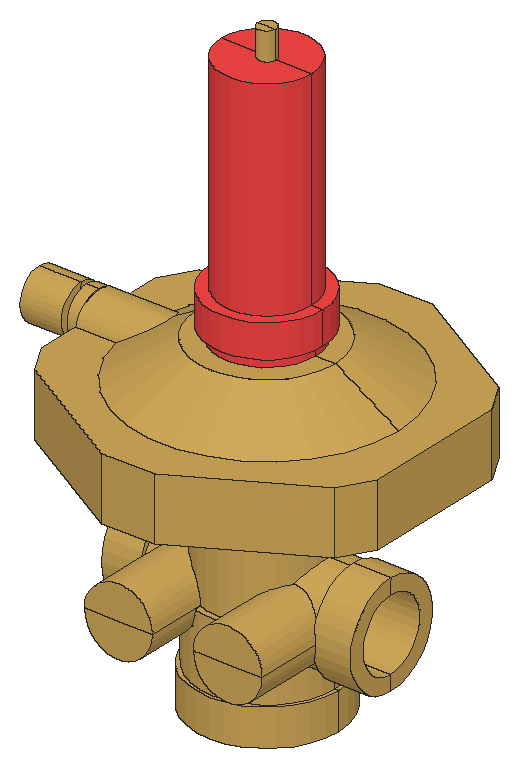
Revit family "Differenzdruckregler 4202 25-60kPa", category Rohrzubehör, Revit 2021
Family settings
  Bemaßung runder Anschluss = Durchmesser verwenden
  Teiletyp = Unterbricht
  OmniClass-Nummer = 23.65.55.14
  OmniClass-Titel = Valves for Liquid Services
  Arbeitsebenenbasiert = Nein
  Immer vertikal = Ja
  Beim Laden mit Abzugskörper schneiden = Nein
  Gemeinsam genutzt = Nein
Parameters (values of type "Ohne Dämmung")
  y2 [instance] = K14 + K9 + H01  # 49.149 mm
  y1 [instance] = (R03 * 2) + R05  # 66.000 mm
  Vorgabe-Ansicht = 0.000 mm
  PN = 25  # constant formula
  Min. Betriebstemperatur (Frostschutz) = -20 °C  # constant formula
  Max. zulässige Betriebstemperatur bis DN32 = 130 °C  # constant formula
  Max. zulässige Betriebstemperatur DN40 - DN50 = 110 °C  # constant formula
  Max. Differenzdruck am Gehäuse = 400000.0 Pa  # constant formula
  Max. Betriebsdruck = 2500000.0 Pa  # constant formula
  Ventilschaft = "Edelstahl 14301"  # constant formula
  URL = "www.herz-armaturen.at"
  SCRNSEQ = "ARM;ARM_TYP=\"DIFR\";2"
  SCRNCODE = "05;03;4"  # constant formula
  S06 [instance] = 1.000 mm  # constant formula
  S05 [instance] = S01 - 1.000 mm  # 16.250 mm
  S04 [instance] = S02 - 1.000 mm  # 18.000 mm
  S03 [instance] = size_lookup("4202 25-60kPa", "S03", 26.500 mm, Nennweite)  # 25.600 mm
  S02 [instance] = size_lookup("4202 25-60kPa", "S02", 19.000 mm, Nennweite)  # 19.000 mm
  S01 [instance] = size_lookup("4202 25-60kPa", "S01", 17.250 mm, Nennweite)  # 17.250 mm
  Regleranschlussmutter = "Messing CW614N"  # constant formula
  Regelbereich = "25 - 60kPa"  # constant formula
  R06 [instance] = size_lookup("4202 25-60kPa", "R06", 14.500 mm, Nennweite)  # 14.500 mm
  R05 [instance] = size_lookup("4202 25-60kPa", "R05", 46.000 mm, Nennweite)  # 46.000 mm
  R04 [instance] = size_lookup("4202 25-60kPa", "R04", 12.500 mm, Nennweite)  # 12.500 mm
  R03 [instance] = size_lookup("4202 25-60kPa", "R03", 10.000 mm, Nennweite)  # 10.000 mm
  R02 = 14.500 mm  # constant formula
  R01 [instance] = size_lookup("4202 25-60kPa", "R01", 12.500 mm, Nennweite)  # 12.500 mm
  Min. Betriebstemperatur (reines Wasser) = 2 °C  # constant formula
  O-Ringe = "EPDM"  # constant formula
  Nennweite [instance] = 15.000 mm
  Membrangehäuse = "Messing CW602N"  # constant formula
  Membrane = "EPDM"  # constant formula
  Medium = "Wasserbeschaffenheit nach ÖNORM H 5195 und VDI 2035\r\nDie Verwendung von Ethylen- und Propylenglykol ist im\r\nMischungsverhältnis 25 - 50 Vol.-% zulässig."
  L2 [instance] = size_lookup("4202 25-60kPa", "L2", 161.000 mm, Nennweite)  # 161.000 mm
  L [instance] = size_lookup("4202 25-60kPa", "L", 66.000 mm, Nennweite)  # 66.000 mm
  K9 = 4.000 mm  # constant formula
  K8 = 55.000 mm  # constant formula
  K7 = 8.700 mm  # constant formula
  K6 = 11.700 mm  # constant formula
  K5 = 13.000 mm  # constant formula
  K4 = 12.000 mm  # constant formula
  K3 = 15.000 mm  # constant formula
  K2 = 2.350 mm  # constant formula
  K18 = 89.000 mm  # constant formula
  K17 = 66.700 mm  # constant formula
  K16 = 3.000 mm  # constant formula
  K15 = 26.649 mm  # constant formula
  K14 = 16.649 mm  # constant formula
  K13 = 16.649 mm  # constant formula
  K12 = 10.000 mm  # constant formula
  K11 = 35.000 mm  # constant formula
  K10 = 18.250 mm  # constant formula
  K1.1 = 2.350 mm  # constant formula
  K1 = 7.651 mm  # constant formula
  J9 = 15.700 mm  # constant formula
  J8 = 7.850 mm  # constant formula
  J7 = 15.897 mm  # constant formula
  J6 = 3.900 mm  # constant formula
  J5 = 6.500 mm  # constant formula
  J4 = 1.500 mm  # constant formula
  J3 = 3.200 mm  # constant formula
  J2 = 11.000 mm  # constant formula
  J11 = 3.500 mm  # constant formula
  J10 = 18.897 mm  # constant formula
  J1 = 6.500 mm  # constant formula
  Hersteller = "HERZ-Armaturen Ges.m.b.H"  # constant formula
  H2 [instance] = size_lookup("4202 25-60kPa", "H2", 28.000 mm, Nennweite)  # 28.000 mm
  H1 [instance] = K1 + K2 + K3 + K4 + K5 + K7 + K8 + K16 + 16.650 mm  # 133.351 mm
  H04 = 4.000 mm  # constant formula
  H03 = 9.800 mm  # constant formula
  H02 [instance] = size_lookup("4202 25-60kPa", "H02", 53.000 mm, Nennweite)  # 53.000 mm
  H01 [instance] = size_lookup("4202 25-60kPa", "H01", 25.000 mm, Nennweite)  # 28.500 mm
  Gehäuse = "DZR Messing CC770S"  # constant formula
  G03 [instance] = size_lookup("4202 25-60kPa", "G03", 13.200 mm, Nennweite)  # 13.200 mm
  G02 [instance] = size_lookup("4202 25-60kPa", "G02", 9.500 mm, Nennweite)  # 9.500 mm
  G01 [instance] = size_lookup("4202 25-60kPa", "G01", 13.500 mm, Nennweite)  # 13.500 mm
  Einstellspindel = "Messing CW614N"  # constant formula
  Hinweise zum Material = "Gemäß Art 33 der REACH-Verordnung (EG Nr. 1907/2006) sind wir verpflichtet, darauf hinzuweisen,\r\ndass der Stoff Blei auf der SVHC-Liste geführt wird und dass alle aus Messing bestehenden Bauteile,\r\ndie in unseren Erzeugnissen verarbeitet sind, mehr als 0,1 % (w/w) Blei (CAS: 7439-92-1 / EINECS:\r\n231-100-4) enthalten. Da Blei als Legierungsbestandteil fest gebunden ist, sind keine Expositionen zu\r\nerwarten und daher sind keine zusätzlichen Angaben zur sicheren Verwendung notwendig.\r\n\r\nIm Hanf enthaltenes Ammoniak schädigt\r\nMessingventilgehäuse, EPDM Dichtungen werden durch\r\nMineralöle bzw. mineralölhaltige Schmierstoffe aufgequollen\r\nund führen somit zum Ausfall der EPDM-Dichtungen. Für\r\nFrost- und Korrosionsschutzmittel auf der Basis von Ethylen- und Propylenglykol sind die entsprechenden\r\nAngaben den Unterlagen des Herstellers zu entnehmen."
  Dämmung = no
  Dämmschale = "EPP (expandiertes Polypropylen)"  # constant formula
  Druckfeder = "Federstahl 14310 NS"  # constant formula
  DN50 [instance] = Nennweite = 50.000 mm  # no
  DN40 [instance] = Nennweite = 40.000 mm  # no
  DN32-40 [instance] = or(Nennweite = 32.000 mm, Nennweite = 40.000 mm)  # no
  DN32 [instance] = Nennweite = 32.000 mm  # no
  DN25,32,40 [instance] = or(Nennweite = 25.000 mm, Nennweite = 32.000 mm, Nennweite = 40.000 mm)  # no
  DN25 [instance] = Nennweite = 25.000 mm  # no
  DN20 [instance] = Nennweite = 20.000 mm  # no
  DN15-25 [instance] = or(Nennweite = 15.000 mm, Nennweite = 20.000 mm, Nennweite = 25.000 mm)  # yes
  DN15,20,50 [instance] = or(Nennweite = 15.000 mm, Nennweite = 20.000 mm, Nennweite = 50.000 mm)  # yes
  DN15 [instance] = Nennweite = 15.000 mm  # yes
  D07 [instance] = if(Nennweite = 15.000 mm, 32.500 mm, if(Nennweite = 20.000 mm, 33.500 mm, if(Nennweite = 25.000 mm, 33.500 mm, if(Nennweite = 32.000 mm, 49.500 mm, if(Nennweite = 40.000 mm, 59.500 mm, if(Nennweite = 50.000 mm, 59.500 mm, 0.000 mm))))))  # 32.500 mm
  D06 [instance] = if(Nennweite = 15.000 mm, 32.500 mm, if(Nennweite = 20.000 mm, 33.500 mm, if(Nennweite = 25.000 mm, 33.500 mm, if(Nennweite = 32.000 mm, 49.500 mm, if(Nennweite = 40.000 mm, 59.500 mm, if(Nennweite = 50.000 mm, 59.500 mm, 0.000 mm))))))  # 32.500 mm
  D05 [instance] = if(Nennweite = 15.000 mm, 36.750 mm, if(Nennweite = 20.000 mm, 40.700 mm, if(Nennweite = 25.000 mm, 49.200 mm, if(Nennweite = 32.000 mm, 54.150 mm, if(Nennweite = 40.000 mm, 60.750 mm, if(Nennweite = 50.000 mm, 72.700 mm, 0.000 mm))))))  # 36.750 mm
  D04 [instance] = if(Nennweite = 15.000 mm, 78.500 mm, if(Nennweite = 20.000 mm, 82.000 mm, if(Nennweite = 25.000 mm, 84.000 mm, if(Nennweite = 32.000 mm, 120.000 mm, if(Nennweite = 40.000 mm, 130.000 mm, if(Nennweite = 50.000 mm, 130.500 mm, 0.000 mm))))))  # 78.500 mm
  D03 [instance] = if(Nennweite = 15.000 mm, 96.000 mm, if(Nennweite = 20.000 mm, 110.000 mm, if(Nennweite = 25.000 mm, 112.000 mm, if(Nennweite = 32.000 mm, 152.000 mm, if(Nennweite = 40.000 mm, 170.000 mm, if(Nennweite = 50.000 mm, 179.000 mm, 0.000 mm))))))  # 96.000 mm
  D02 [instance] = size_lookup("4202 25-60kPa", "R05", 41.000 mm, Nennweite)  # 46.000 mm
  D01 [instance] = size_lookup("4202 25-60kPa", "G01", 13.220 mm, Nennweite)  # 13.500 mm
  Bestellnummer Dämmung [instance] = if(and(Dämmung, Nennweite = 15.000 mm), 1409611, if(and(Dämmung, Nennweite = 20.000 mm), 1409612, if(and(Dämmung, Nennweite = 25.000 mm), 1409613, if(and(Dämmung, Nennweite = 32.000 mm), 1409614, if(and(Dämmung, Nennweite = 40.000 mm), 1409615, if(and(Dämmung, Nennweite = 50.000 mm), 1409616, 0))))))  # 0
  Bestellnummer [instance] = if(Nennweite = 15.000 mm, 1420261, if(Nennweite = 20.000 mm, 1420262, if(Nennweite = 25.000 mm, 1420263, if(Nennweite = 32.000 mm, 1420264, if(Nennweite = 40.000 mm, 1420265, if(Nennweite = 50.000 mm, 1420266, 0))))))  # 1420261
  B2 [instance] = size_lookup("4202 25-60kPa", "B2", 31.000 mm, Nennweite)  # 31.000 mm
  B1 [instance] = size_lookup("4202 25-60kPa", "B1", 26.000 mm, Nennweite)  # 26.000 mm
  B04 = 100.649 mm  # constant formula
  B03 = 44.500 mm  # constant formula
  B02 = 104.688 mm  # constant formula
  B01 = 10.000 mm  # constant formula
  Anzeigehülse = "Kunststoff (Rot)"  # constant formula
  Anwendungsgebiet = "Der Differenzdruckregler ist ein Regler mit linearer Kennlinie in Geradsitzausführung und arbeitet ohne\r\nHilfsenergie. Der gewünschte Differenzdruck-Sollwert kann zwischen 5 und 30 kPa; 25 und 60 kPa bzw.\r\n45 und 80 kPa stufenlos eingestellt werden. Der eingestellte Wert ist mit Hilfe des Einstelldiagrammes\r\nablesbar. Werksseitig ist der Sollwert auf Minimum eingestellt. Der erforderliche Sollwert wird mit dem\r\nEinstellwerkzeug (1 4006 02) eingestellt. Im Lieferumfang enthalten ist die Impulsleitung (1000 mm),\r\ndiese ist im Vorlauf einzubinden."
  Anschlussnippel = "Messing CW602N"  # constant formula
Types (2, lengths in mm): name | Dämmung | Bestellnummer Dämmung
  Ohne Dämmung | no | 0
  Mit Dämmung | yes | 1409611
Reference planes
  plane 1 "Mitte (Vorne/hinten)": y = 0
  plane 2: z = 0
  plane 3 "Mitte (Links/rechts)": x = 0
Forms (mm)
  Revolve 1, solid, material "Messing, weicher Gelbton, geschweißt", detail levels fine
    sketch origin (0, 0, 0) x (1, 0, 0) y (0, 0, 1)
      loop
        line (-19.8, 0) -> (19.8, 0) -> (19.8, 9.5) -> (33, 9.5) -> (33, 13.5) -> (23, 13.5) -> (23, 12.5) -> (-23, 12.5) -> (-23, 13.5) -> (-33, 13.5) -> (-33, 9.5) -> (-19.8, 9.5) -> (-19.8, 0)
      axis (-33, 0) -> (33, 0)
    angle from 0 to 360
  Revolve 2, solid, material "Messing, weicher Gelbton, geschweißt", detail levels fine
    sketch origin (0, 0, 0) x (1, 0, 0) y (0, 0, 1)
      loop
        line (0, -28) -> (0, 0) -> (-18, 0) -> (-18, -18.2) -> (-19, -18.2) -> (-19, -28) -> (0, -28)
      axis (0, 0) -> (0, -28)
    angle from 0 to 360
  Extrusion 3, solid, material "Messing, weicher Gelbton, geschweißt", detail levels fine
    sketch origin (0, 0, 0) x (0, -1, 0) y (1, 0, 0)
      loop
        line (-46, -7.038) -> (-27.114, -39.75) -> (-18.886, -44.5) -> (18.886, -44.5) -> (27.114, -39.75) -> (46, -7.038) -> (46, 7.038) -> (27.114, 39.75) -> (18.886, 44.5) -> (-18.886, 44.5) -> (-27.114, 39.75) -> (-46, 7.038) -> (-46, -7.038)
    from 32.5 to 49.149
  Revolve 4, solid, material "Messing, weicher Gelbton, geschweißt", detail levels fine
    sketch origin (0, 0, -7.051) x (1, 0, 0) y (0, 0, 1)
      loop
        line (0, 56.2) -> (0, 66.2) -> (-18.25, 66.2) -> (-35, 56.2) -> (0, 56.2)
      axis (0, 66.2) -> (0, 56.2)
    angle from 0 to 360
  Revolve 5, solid, material "Messing, weicher Gelbton, geschweißt", visible <- "DN15-25", detail levels fine
    sketch origin (-11, 0, 0) x (1, 0, 0) y (0, 1, 0)
      loop
        line (-1.5, 26) -> (-9.2, 26) -> (-9.2, 0) -> (-1.5, 0) -> (-1.5, 26)
      axis (-1.5, 0) -> (-1.5, 26)
    angle from 0 to 360
  Revolve 6, solid, material "Messing, weicher Gelbton, geschweißt", visible <- "DN15,20,50", detail levels fine
    sketch origin (-0.988, 0, -6.853) x (-1, 0, 0) y (0, 0, 1)
      loop
        line (43.5, 55.25) -> (59.2, 55.25) -> (59.2, 61.75) -> (48.2, 61.75) -> (48.2, 59.15) -> (46.7, 59.15) -> (46.7, 61.75) -> (43.5, 61.75) -> (43.5, 55.25)
      axis (43.5, 55.25) -> (59.2, 55.25)
    angle from 0 to 360
  Extrusion 7, solid, material "Messing, weicher Gelbton, geschweißt", visible <- "DN15,20,50", detail levels fine
    sketch origin (0, 0, 0) x (0, 1, 0) y (0, 0, -1)
      loop
        line (7.85, -47.047) -> (7.85, -36) -> (-7.85, -36) -> (-7.85, -47.047)
        arc (-7.85, -47.047) -> (0, -54.897) -> (7.85, -47.047) r 7.85
    from 0 to 44.5
  Revolve 8, solid, material "Kunsstoff rot", detail levels fine
    sketch origin (0, 0, 0) x (1, 0, 0) y (0, 0, 1)
      loop
        line (-12, 125.849) -> (-12, 70.849) -> (-15, 70.849) -> (-15, 62.149) -> (-13, 62.149) -> (-13, 59.149) -> (0, 59.149) -> (0, 125.849) -> (-12, 125.849)
      axis (0, 125.849) -> (0, 59.149)
    angle from 0 to 360
  Revolve 9, solid, material "Messing, weicher Gelbton, geschweißt", visible <- "DN15-25", detail levels fine
    sketch origin (-2, 0, 0) x (1, 0, 0) y (0, 1, 0)
      loop
        line (-12.5, 0) -> (-21.5, 0) -> (-21.5, -31) -> (-12.5, -31) -> (-12.5, 0)
      axis (-12.5, 0) -> (-12.5, -31)
    angle from 0 to 360
  Revolve 10, solid, material "Messing, weicher Gelbton, geschweißt", visible <- "DN15-25", detail levels fine
    sketch origin (2, 0, 0) x (1, 0, 0) y (0, 1, 0)
      loop
        line (12.5, 0) -> (12.5, -31) -> (21.6, -31) -> (21.6, 0) -> (12.5, 0)
      axis (12.5, 0) -> (12.5, -31)
    angle from 0 to 360
  Extrusion 11, solid, material "Messing, weicher Gelbton, geschweißt", visible <- "DN32", detail levels fine
    sketch origin (-31.5, 0, 0) x (1, 0, 0) y (0, 1, 0)
      loop
        circle (63, 0) r 6.578
      loop
        circle (63, 0) r 3.28
    from -47 to 0
  Extrusion 12, solid, material "Messing, weicher Gelbton, geschweißt", visible <- "DN32", detail levels fine
    sketch origin (31.5, 0, 0) x (-1, 0, 0) y (0, -1, 0)
      loop
        circle (63, 0) r 6.578
      loop
        circle (63, 0) r 3.28
    from -47 to 0
  Revolve 13, solid, material "Messing, weicher Gelbton, geschweißt", detail levels fine
    sketch origin (0, 0, 0) x (1, 0, 0) y (0, 0, 1)
      loop
        line (-16.25, 0) -> (0, 0) -> (0, 32.5) -> (-12.25, 32.5) -> (-12.25, 28.5) -> (-17.25, 28.5) -> (-17.25, 18.7) -> (-16.25, 18.7) -> (-16.25, 0)
      axis (0, 32.5) -> (0, 0)
    angle from 0 to 360
  Extrusion 14, solid, material "Messing, weicher Gelbton, geschweißt", visible <- "DN40", detail levels fine
    sketch origin (29.382, 0, 0) x (-1, 0, 0) y (0, -1, 0)
      loop
        circle (63, 0) r 6.578
      loop
        circle (63, 0) r 3.28
    from -58 to 0
  Extrusion 15, solid, material "Messing, weicher Gelbton, geschweißt", visible <- "DN40", detail levels fine
    sketch origin (-29.455, 0, 0) x (1, 0, 0) y (0, 1, 0)
      loop
        circle (63, 0) r 6.578
      loop
        circle (63, 0) r 3.28
    from -58 to 0
  Extrusion 16, solid, material "Messing, weicher Gelbton, geschweißt", visible <- "DN50", detail levels fine
    sketch origin (28.422, 0, 0) x (-1, 0, 0) y (0, -1, 0)
      loop
        circle (63, 0) r 6.578
      loop
        circle (63, 0) r 3.28
    from -58 to 0
  Extrusion 17, solid, material "Messing, weicher Gelbton, geschweißt", visible <- "DN50", detail levels fine
    sketch origin (-28.422, 0, 0) x (1, 0, 0) y (0, 1, 0)
      loop
        circle (63, 0) r 6.578
      loop
        circle (63, 0) r 3.28
    from -58 to 0
  Revolve 18, solid, material "Messing, weicher Gelbton, geschweißt", detail levels fine
    sketch origin (0, 0, 0) x (1, 0, 0) y (0, 0, 1)
      loop
        line (-2.35, 125.349) -> (0, 125.349) -> (0, 133) -> (-2.35, 133) -> (-2.35, 125.349)
      axis (0, 133) -> (0, 125.349)
    angle from 0 to 360
  Revolve 19, solid, material "Messing, weicher Gelbton, geschweißt", visible <- "DN32-40", detail levels fine
    sketch origin (-11, 0, 0) x (1, 0, 0) y (0, 1, 0)
      loop
        line (-1.5, -26) -> (-1.5, 0) -> (-9.2, 0) -> (-9.2, -26) -> (-1.5, -26)
      axis (-1.5, 0) -> (-1.5, -26)
    angle from 0 to 360
  Revolve 20, solid, material "Messing, weicher Gelbton, geschweißt", visible <- "DN25,32,40", detail levels fine
    sketch origin (0.988, 0, 20.147) x (1, 0, 0) y (0, 0, 1)
      loop
        line (43.5, 28.25) -> (59.2, 28.25) -> (59.2, 34.75) -> (48.2, 34.75) -> (48.2, 32.15) -> (46.7, 32.15) -> (46.7, 34.75) -> (43.5, 34.75) -> (43.5, 28.25)
      axis (43.5, 28.25) -> (59.2, 28.25)
    angle from 0 to 360
  Extrusion 21, solid, material "Messing, weicher Gelbton, geschweißt", visible <- "DN25", detail levels fine
    sketch origin (0, 0, 0) x (0, 1, 0) y (0, 0, 1)
      loop
        arc (7.85, 48.047) -> (0, 55.897) -> (-7.85, 48.047) r 7.85
        line (-7.85, 48.047) -> (-7.85, 37) -> (7.85, 37) -> (7.85, 48.047)
    from 0 to 44.5
  Extrusion 22, solid, material "Messing, weicher Gelbton, geschweißt", visible <- "DN32", detail levels fine
    sketch origin (0, 0, 0) x (0, 1, 0) y (0, 0, 1)
      loop
        arc (7.85, 64.047) -> (0, 71.897) -> (-7.85, 64.047) r 7.85
        line (-7.85, 64.047) -> (-7.85, 53) -> (7.85, 53) -> (7.85, 64.047)
    from 0 to 44.5
  Extrusion 23, solid, material "Messing, weicher Gelbton, geschweißt", visible <- "DN40", detail levels fine
    sketch origin (0, 0, 0) x (0, 1, 0) y (0, 0, 1)
      loop
        arc (7.85, 74.047) -> (0, 81.897) -> (-7.85, 74.047) r 7.85
        line (-7.85, 74.047) -> (-7.85, 63) -> (7.85, 63) -> (7.85, 74.047)
    from 0 to 44.5
  Revolve 24, solid, material "Kunststoff-Anthrazig/Schwarz", visible <- "Dämmung"
    sketch origin (0, 0, 0) x (1, 0, 0) y (0, 0, 1)
      loop
        line (0, -46) -> (36.75, -46) -> (36.75, 32.5) -> (0, 32.5) -> (0, -46)
      axis (0, 32.5) -> (0, -46)
    angle from 0 to 360
  Revolve 25, solid, material "Kunststoff-Anthrazig/Schwarz", visible <- "Dämmung"
    sketch origin (0, 0, 0) x (1, 0, 0) y (0, 0, 1)
      loop
        line (48, 32.5) -> (-48, 32.5) -> (-48, 13.5) -> (-23, 13.5) -> (-23, 0) -> (0, 0) -> (23, 0) -> (23, 13.5) -> (48, 13.5) -> (48, 32.5)
      axis (-48, 0) -> (48, 0)
    angle from 0 to 360
Lines and regions (mm)
  model lines, detail levels coarse+medium
    curve 1: line (33, -13.5, 0) -> (33, 13.5, 0)
    curve 2: line (33, 13.5, 0) -> (-33, -13.5, 0)
    curve 3: line (-33, -13.5, 0) -> (-33, 13.5, 0)
    curve 4: line (-33, 13.5, 0) -> (33, -13.5, 0)
    curve 5: spline (-44.5, -40.824, 0) -> (-42.984, -38.67, 0) -> (-38.538, -36.662, 0) -> (-31.466, -34.938, 0) -> (-22.25, -33.615, 0) -> (-11.517, -32.784, 0) -> (0, -32.5, 0) -> (11.517, -32.784, 0) -> (22.25, -33.615, 0) -> (31.466, -34.938, 0) -> (38.538, -36.662, 0) -> (42.984, -38.67, 0) -> (44.5, -40.825, 0) -> (42.984, -42.979, 0) -> (38.538, -44.987, 0) -> (31.466, -46.711, 0) -> (22.25, -48.034, 0) -> (11.517, -48.865, 0) -> (0, -49.149, 0) -> (-11.517, -48.865, 0) -> (-22.25, -48.034, 0) -> (-31.466, -46.711, 0) -> (-38.538, -44.987, 0) -> (-42.984, -42.979, 0) -> (-44.5, -40.824, 0)
    curve 6: line (-33, 0, 13.5) -> (-33, 0, -13.5)
    curve 7: line (-33, 0, -13.5) -> (33, 0, 13.5)
    curve 8: line (33, 0, 13.5) -> (33, 0, -13.5)
    curve 9: line (33, 0, -13.5) -> (-33, 0, 13.5)
    curve 10: line (0, 0, 13.5) -> (0, 0, 32.5)
    curve 11: spline (-44.5, 0, 40.825) -> (-42.984, 0, 42.979) -> (-38.538, 0, 44.987) -> (-31.466, 0, 46.711) -> (-22.25, 0, 48.034) -> (-11.517, 0, 48.865) -> (0, 0, 49.149) -> (11.517, 0, 48.865) -> (22.25, 0, 48.034) -> (31.466, 0, 46.711) -> (38.538, 0, 44.987) -> (42.984, 0, 42.979) -> (44.5, 0, 40.824) -> (42.984, 0, 38.67) -> (38.538, 0, 36.662) -> (31.466, 0, 34.938) -> (22.25, 0, 33.615) -> (11.517, 0, 32.784) -> (0, 0, 32.5) -> (-11.517, 0, 32.784) -> (-22.25, 0, 33.615) -> (-31.466, 0, 34.938) -> (-38.538, 0, 36.662) -> (-42.984, 0, 38.67) -> (-44.5, 0, 40.825)
    curve 12: line (0, 0, 13.5) -> (16.5, 0, 6.75)
    curve 13: line (0, 0, 13.5) -> (-16.5, 0, 6.75)
    curve 14: line (33, 0, 0) -> (63, 0, 0)
    curve 15: line (-33, 0, 0) -> (-63, 0, 0)
    curve 16: line (0, -19, 0) -> (-16.5, -6.75, 0)
    curve 17: line (0, -19, 0) -> (16.5, -6.75, 0)
  model lines
    curve 18: line (0, -19, 0) -> (0, -32.5, 0)
Dimensions and locks
  "G01": Revolve 1 sketch curve to Revolve 1 sketch curve  (x2)
  "R01": Revolve 1 sketch curve to Revolve 1 sketch curve
  "R03": Revolve 1 sketch curve to Revolve 1 sketch curve  (x2)
  "K10": Revolve 4 sketch curve to Revolve 4 sketch curve
  "K11": Revolve 4 sketch curve to Revolve 4 sketch curve
  "B1": Revolve 5 sketch curve to Revolve 5 sketch curve
  "J1": Revolve 6 sketch curve to Revolve 6 sketch curve
  "J3": Revolve 6 sketch curve to Revolve 6 sketch curve
  "J4": Revolve 6 sketch curve to Revolve 6 sketch curve
  "J2": Revolve 6 sketch curve to Revolve 6 sketch curve
  "J5": Revolve 6 sketch curve to Revolve 6 sketch curve
  "J6": Revolve 6 sketch curve to Revolve 6 sketch curve
  "H2": plane 2 to Revolve 2 sketch curve
  "H03": Revolve 2 sketch curve to Revolve 2 sketch curve
  "S02": plane 3 "Mitte (Links/rechts)" to Revolve 2 sketch curve
  "B02": Revolve 6 to Extrusion 3
  "B03": Extrusion 3 to plane 3 "Mitte (Links/rechts)"
  "R04": Revolve 5 sketch curve to plane 3 "Mitte (Links/rechts)"
  "K4": Revolve 8 sketch curve to Revolve 8 sketch curve
  "K3": Revolve 8 sketch curve to Revolve 8 sketch curve
  "K7": Revolve 8 sketch curve to Revolve 8 sketch curve
  "K5": Revolve 8 sketch curve to Revolve 8 sketch curve
  "K8": Revolve 8 sketch curve to Revolve 8 sketch curve
  "K12": Revolve 4 sketch curve to Revolve 4 sketch curve
  "K13": Revolve 4 sketch curve to Extrusion 3
  "K14": Extrusion 3 to Extrusion 3
  "K16": Revolve 8 sketch curve to Revolve 8 sketch curve
  "K15": Revolve 8 to Extrusion 3
  "R05": Revolve 1 sketch curve to Revolve 1 sketch curve
  equal spacing: Revolve 1 sketch curve, plane 3 "Mitte (Links/rechts)", Revolve 1 sketch curve
  "B2": plane 1 "Mitte (Vorne/hinten)" to Revolve 9 sketch curve
  "B2": Revolve 10 sketch curve to plane 1 "Mitte (Vorne/hinten)"
  "R06": Revolve 9 sketch curve to plane 3 "Mitte (Links/rechts)"
  "R06": plane 3 "Mitte (Links/rechts)" to Revolve 10 sketch curve
  "S01": Revolve 13 sketch curve to plane 3 "Mitte (Links/rechts)"
  "S05": plane 3 "Mitte (Links/rechts)" to Revolve 13 sketch curve
  "H04": Revolve 13 sketch curve to Revolve 13 sketch curve
  "H03": Revolve 13 sketch curve to Revolve 13 sketch curve
  "H01": Revolve 13 sketch curve to plane 2
  "K9": Extrusion 3 to Revolve 13
  "S06": Revolve 2 sketch curve to Revolve 2 sketch curve
  "J7": Revolve 6 sketch curve to Extrusion 3
  "J9": Extrusion 7 sketch curve to Extrusion 7 sketch curve
  "J10": Revolve 6 to Extrusion 7 sketch curve
  "J11": Extrusion 7 sketch curve to Extrusion 3
  equal spacing: curve 6, curve 5, curve 8
  "K18": Extrusion 3 to Extrusion 3
  "G01": curve 9 to plane 2
  "G01": plane 2 to curve 7
  "G01": curve 8 to plane 2
  "G01": plane 2 to curve 9
  "K18": curve 11 to curve 11
  "G01": curve 13 to plane 2
  "K14": curve 11 to curve 11
  "y2": curve 11 to plane 2
  "G01": plane 1 "Mitte (Vorne/hinten)" to curve 4
  "G01": curve 3 to plane 1 "Mitte (Vorne/hinten)"
  equal spacing: curve 3, curve 11, curve 1
  equal spacing: curve 3, curve 17, curve 1
  "y1": curve 3 to curve 1
  "G01": plane 1 "Mitte (Vorne/hinten)" to curve 2
  "G01": curve 4 to plane 1 "Mitte (Vorne/hinten)"
  "K18": curve 5 to curve 5
  "K14": curve 5 to curve 5
  "y2": curve 5 to plane 1 "Mitte (Vorne/hinten)"
  "K1.1": plane 3 "Mitte (Links/rechts)" to Revolve 18 sketch curve
  "B1": Revolve 19 sketch curve to Revolve 19 sketch curve
  "R04": Revolve 19 sketch curve to plane 3 "Mitte (Links/rechts)"
  "G02": Revolve 1 sketch curve to plane 2  (x2)
  "G03": Revolve 1 sketch curve to Revolve 1 sketch curve  (x2)
  Revolve 1 sketch curve to Revolve 1 sketch curve = 66.000 mm
  Revolve 1 to Revolve 1 = 66.000 mm
  "L2": Revolve 18 to Revolve 2
  "J1": Revolve 20 sketch curve to Revolve 20 sketch curve
  "J3": Revolve 20 sketch curve to Revolve 20 sketch curve
  "J4": Revolve 20 sketch curve to Revolve 20 sketch curve
  "J2": Revolve 20 sketch curve to Revolve 20 sketch curve
  "J5": Revolve 20 sketch curve to Revolve 20 sketch curve
  "J6": Revolve 20 sketch curve to Revolve 20 sketch curve
  "J7": Revolve 20 sketch curve to Extrusion 3
  "J9": Extrusion 21 sketch curve to Extrusion 21 sketch curve
  "J9": Extrusion 22 sketch curve to Extrusion 22 sketch curve
  "J9": Extrusion 23 sketch curve to Extrusion 23 sketch curve
  "L": curve 6 to curve 8
  equal spacing: Revolve 1, curve 13, plane 3 "Mitte (Links/rechts)"
  equal spacing: plane 3 "Mitte (Links/rechts)", curve 12, Revolve 1
  equal spacing: curve 3, curve 16, plane 3 "Mitte (Links/rechts)"
  equal spacing: plane 3 "Mitte (Links/rechts)", curve 17, curve 1
  "D04": Revolve 24 sketch curve to Revolve 24 sketch curve
  "D05": Revolve 24 sketch curve to Revolve 24 sketch curve
  "D06": Revolve 24 sketch curve to plane 2
  "D07": Revolve 25 sketch curve to plane 2
  "D01": Revolve 25 sketch curve to plane 2  (x2)
  "D03": Revolve 25 sketch curve to Revolve 25 sketch curve
  Revolve 25 sketch curve to Revolve 25 sketch curve = 46.000 mm
  "D02": Revolve 25 sketch curve to Revolve 25 sketch curve
  equal spacing: Revolve 25 sketch curve, plane 3 "Mitte (Links/rechts)", Revolve 25 sketch curve  (x2)
  "J8": radius of Extrusion 7 sketch curve
  "J8": radius of Extrusion 21 sketch curve
  "J8": radius of Extrusion 22 sketch curve
  "J8": radius of Extrusion 23 sketch curve
  aligned and locked: level to plane 2
Automatic sketch dimensions
  plane 3 "Mitte (Links/rechts)" to Extrusion 3 sketch curve = 7.038 mm  (x2)
  Extrusion 3 sketch curve to plane 1 "Mitte (Vorne/hinten)" = 46.000 mm
  Extrusion 3 sketch curve to plane 1 "Mitte (Vorne/hinten)" = 27.114 mm  (x2)
  Extrusion 3 sketch curve to Extrusion 3 sketch curve = 8.227 mm  (x4)
  plane 1 "Mitte (Vorne/hinten)" to Extrusion 3 sketch curve = 18.886 mm  (x2)
  Extrusion 3 sketch curve to Extrusion 3 sketch curve = 18.886 mm
  Extrusion 3 sketch curve to plane 3 "Mitte (Links/rechts)" = 7.038 mm  (x2)
  Extrusion 3 sketch curve to Extrusion 3 sketch curve = 32.712 mm  (x4)
  Extrusion 3 sketch curve to Extrusion 3 sketch curve = 4.750 mm  (x2)
  Extrusion 11 sketch curve to Extrusion 11 sketch curve = 0.000 mm  (x2)
  plane 1 "Mitte (Vorne/hinten)" to Extrusion 11 sketch curve = 0.000 mm
  plane 3 "Mitte (Links/rechts)" to Extrusion 11 sketch curve = 31.500 mm
  Extrusion 12 sketch curve to Extrusion 12 sketch curve = 0.000 mm  (x2)
  plane 1 "Mitte (Vorne/hinten)" to Extrusion 12 sketch curve = 0.000 mm
  plane 3 "Mitte (Links/rechts)" to Extrusion 12 sketch curve = 31.500 mm
  Extrusion 14 sketch curve to Extrusion 14 sketch curve = 0.000 mm  (x2)
  plane 1 "Mitte (Vorne/hinten)" to Extrusion 14 sketch curve = 0.000 mm
  plane 3 "Mitte (Links/rechts)" to Extrusion 14 sketch curve = 33.618 mm
  Extrusion 15 sketch curve to Extrusion 15 sketch curve = 0.000 mm  (x2)
  plane 1 "Mitte (Vorne/hinten)" to Extrusion 15 sketch curve = 0.000 mm
  plane 3 "Mitte (Links/rechts)" to Extrusion 15 sketch curve = 33.545 mm
  Extrusion 16 sketch curve to Extrusion 16 sketch curve = 0.000 mm  (x2)
  plane 1 "Mitte (Vorne/hinten)" to Extrusion 16 sketch curve = 0.000 mm
  plane 3 "Mitte (Links/rechts)" to Extrusion 16 sketch curve = 34.578 mm
  Extrusion 17 sketch curve to Extrusion 17 sketch curve = 0.000 mm  (x2)
  plane 1 "Mitte (Vorne/hinten)" to Extrusion 17 sketch curve = 0.000 mm
  plane 3 "Mitte (Links/rechts)" to Extrusion 17 sketch curve = 34.578 mm
  curve 15 to level = 0.000 mm
  curve 10 to plane 3 "Mitte (Links/rechts)" = 0.000 mm
  curve 11 to plane 3 "Mitte (Links/rechts)" = 0.000 mm
  curve 14 to level = 0.000 mm
  curve 15 to curve 15 = 30.000 mm
  curve 14 to curve 14 = 30.000 mm
  curve 18 to plane 3 "Mitte (Links/rechts)" = 0.000 mm
  curve 5 to plane 3 "Mitte (Links/rechts)" = 0.000 mm
  curve 18 to curve 17 = 13.500 mm
  Revolve 1 sketch curve to level = 0.000 mm  (x2)
  Revolve 1 sketch curve to Revolve 1 sketch curve = 1473.530 mm
  Revolve 1 sketch curve to Revolve 1 sketch curve = 1806.148 mm
  Revolve 2 sketch curve to level = 0.000 mm
  Revolve 2 sketch curve to plane 3 "Mitte (Links/rechts)" = 0.000 mm  (x2)
  Revolve 2 sketch curve to Revolve 2 sketch curve = 1.000 mm
  Revolve 2 sketch curve to Revolve 2 sketch curve = 334.045 mm
  level to Revolve 2 sketch curve = 2218.015 mm
  Revolve 4 sketch curve to plane 3 "Mitte (Links/rechts)" = 0.000 mm  (x2)
  Revolve 4 sketch curve to level = 373.096 mm
  Revolve 4 sketch curve to Revolve 4 sketch curve = 2155.315 mm
  plane 1 "Mitte (Vorne/hinten)" to Revolve 5 sketch curve = 0.000 mm  (x2)
  Revolve 5 sketch curve to Revolve 5 sketch curve = 0.000 mm  (x2)
  Revolve 5 sketch curve to Revolve 5 sketch curve = 7.700 mm
  plane 3 "Mitte (Links/rechts)" to Revolve 6 sketch curve = 44.488 mm
  Revolve 6 sketch curve to Revolve 6 sketch curve = 0.000 mm  (x3)
  Extrusion 7 sketch curve to plane 1 "Mitte (Vorne/hinten)" = 0.000 mm
  Extrusion 7 sketch curve to Extrusion 7 sketch curve = 11.047 mm
  Extrusion 7 sketch curve to Extrusion 7 sketch curve = 0.000 mm
  Revolve 8 sketch curve to plane 3 "Mitte (Links/rechts)" = 0.000 mm  (x2)
  level to Revolve 8 sketch curve = 59.149 mm
  Revolve 8 sketch curve to Revolve 8 sketch curve = 0.000 mm  (x2)
  plane 1 "Mitte (Vorne/hinten)" to Revolve 9 sketch curve = 0.000 mm  (x2)
  Revolve 9 sketch curve to Revolve 9 sketch curve = 9.000 mm
  Revolve 9 sketch curve to Revolve 9 sketch curve = 0.000 mm  (x2)
  plane 1 "Mitte (Vorne/hinten)" to Revolve 10 sketch curve = 0.000 mm  (x2)
  Revolve 10 sketch curve to Revolve 10 sketch curve = 9.100 mm
  Revolve 10 sketch curve to Revolve 10 sketch curve = 0.000 mm  (x2)
  Revolve 13 sketch curve to level = 0.000 mm  (x2)
  Revolve 13 sketch curve to plane 3 "Mitte (Links/rechts)" = 0.000 mm  (x2)
  Revolve 13 sketch curve to Revolve 13 sketch curve = 5.000 mm
  Revolve 13 sketch curve to Revolve 13 sketch curve = 0.000 mm
  Revolve 18 sketch curve to plane 3 "Mitte (Links/rechts)" = 0.000 mm  (x2)
  level to Revolve 18 sketch curve = 125.349 mm
  Revolve 18 sketch curve to Revolve 18 sketch curve = 7.651 mm
  Revolve 18 sketch curve to Revolve 18 sketch curve = 0.000 mm  (x2)
  plane 1 "Mitte (Vorne/hinten)" to Revolve 19 sketch curve = 0.000 mm  (x2)
  Revolve 19 sketch curve to Revolve 19 sketch curve = 7.700 mm
  Revolve 19 sketch curve to Revolve 19 sketch curve = 0.000 mm  (x2)
  plane 3 "Mitte (Links/rechts)" to Revolve 20 sketch curve = 44.488 mm
  Revolve 20 sketch curve to Revolve 20 sketch curve = 0.000 mm  (x3)
  Extrusion 21 sketch curve to plane 1 "Mitte (Vorne/hinten)" = 0.000 mm
  level to Extrusion 21 sketch curve = 37.000 mm
  Extrusion 21 sketch curve to Extrusion 21 sketch curve = 11.047 mm
  Extrusion 21 sketch curve to Extrusion 21 sketch curve = 0.000 mm
  Extrusion 22 sketch curve to plane 1 "Mitte (Vorne/hinten)" = 0.000 mm
  level to Extrusion 22 sketch curve = 53.000 mm
  Extrusion 22 sketch curve to Extrusion 22 sketch curve = 11.047 mm
  Extrusion 22 sketch curve to Extrusion 22 sketch curve = 0.000 mm
  Extrusion 23 sketch curve to plane 1 "Mitte (Vorne/hinten)" = 0.000 mm
  level to Extrusion 23 sketch curve = 63.000 mm
  Extrusion 23 sketch curve to Extrusion 23 sketch curve = 11.047 mm
  Extrusion 23 sketch curve to Extrusion 23 sketch curve = 0.000 mm
  Revolve 24 sketch curve to plane 3 "Mitte (Links/rechts)" = 0.000 mm  (x2)
  Revolve 24 sketch curve to Revolve 24 sketch curve = 0.000 mm  (x2)
  Revolve 25 sketch curve to level = 0.000 mm  (x2)
  Revolve 25 sketch curve to plane 3 "Mitte (Links/rechts)" = 0.000 mm
  Revolve 25 sketch curve to Revolve 25 sketch curve = 0.000 mm  (x2)
  radius of Extrusion 11 sketch curve = 6.578 mm
  radius of Extrusion 11 sketch curve = 3.280 mm
  radius of Extrusion 12 sketch curve = 6.578 mm
  radius of Extrusion 12 sketch curve = 3.280 mm
  radius of Extrusion 14 sketch curve = 6.578 mm
  radius of Extrusion 14 sketch curve = 3.280 mm
  radius of Extrusion 15 sketch curve = 6.578 mm
  radius of Extrusion 15 sketch curve = 3.280 mm
  radius of Extrusion 16 sketch curve = 6.578 mm
  radius of Extrusion 16 sketch curve = 3.280 mm
  radius of Extrusion 17 sketch curve = 6.578 mm
  radius of Extrusion 17 sketch curve = 3.280 mm
Nested families
  nested 1: "Herz-Logo-vorne" at (-0.018, 17.815, -12.904) x (0, -1, 0) z (0, 0, 1), type "Herz-Logo-vorne", detail levels fine
  nested 2: "Herz-Logo-vorne" at (-0.018, 24.058, 0) x (0, -1, 0) z (0, 0, 1), visible <- "DN32", type "Herz-Logo-vorne", detail levels fine
  nested 3: "Herz-Logo-vorne" at (-0.018, 33.471, 0) x (0, -1, 0) z (0, 0, 1), visible <- "DN50", type "Herz-Logo-vorne", detail levels fine
  nested 4: "Herz-Logo-vorne" at (-0.018, 26.482, 0) x (0, -1, 0) z (0, 0, 1), visible <- "DN40", type "Herz-Logo-vorne", detail levels fine
Connectors
  piping at (33, 0, 0), diameter 15, driven by "Nennweite"
    settings: on Revolve 1, index 1, connector inside diameter 609.6 mm, connector length 0.000 mm, flow factor 0, pipe flow 0.0 L/s, pressure drop 0.0 Pa, fitting loss kfactor 0, connector angle 0.00°, fixture units 0, engagement length 0.000 mm, angle of deflection 0.00°, flow configuration 0, flow direction 2, fitting loss method 0, system type 29, joint type 0, gender type 0, connector reference index -1, connector utility 0, adjustable connector no, is connector primary yes, connector description ""
  piping at (-33, 0, 0), diameter 15, driven by "Nennweite"
    settings: on Revolve 1, index 2, connector inside diameter 609.6 mm, connector length 0.000 mm, flow factor 0, pipe flow 0.0 L/s, pressure drop 0.0 Pa, fitting loss kfactor 0, connector angle 0.00°, fixture units 0, engagement length 0.000 mm, angle of deflection 0.00°, flow configuration 0, flow direction 1, fitting loss method 0, system type 7, joint type 0, gender type 0, connector reference index -1, connector utility 0, adjustable connector no, is connector primary no, connector description ""
Definition of nested family "Herz-Logo-vorne"
  Parameters (values of type "Herz-Logo-vorne")
    Default Elevation = 0.000 mm
  Reference planes
    plane 1 "Mitte (Vorne/hinten)": y = 0
    plane 2: z = 0
    plane 3 "Mitte (Links/rechts)": x = 0
  Forms (mm)
    Extrusion 1, solid
      sketch origin (0.732, -0.018, 0.017) x (0, -1, 0) y (0, 0, 1)
        loop
          line (-0.018, -4.517) -> (4.482, -4.517) -> (4.482, 4.483) -> (-4.518, 4.483) -> (-4.518, -4.517) -> (-0.018, -4.517)
        loop
          line (-0.05, -3.48) -> (3.482, -3.48) -> (3.482, 3.483) -> (-3.518, 3.483) -> (-3.518, -3.48) -> (-0.05, -3.48)
        loop
          arc (-0.018, 2.383) -> (-1.543, 3.287) -> (-3.067, 2.383) r 1.738
          arc (-3.067, 2.383) -> (-3.191, 1.899) -> (-3.067, 1.415) r 1.009
          line (-3.067, 1.415) -> (-0.018, -3.281) -> (3.032, 1.415)
          arc (3.032, 1.415) -> (3.156, 1.899) -> (3.032, 2.383) r 1.009
          arc (3.032, 2.383) -> (1.507, 3.287) -> (-0.018, 2.383) r 1.738
        loop
          arc (1.885, 1.272) -> (2.005, 1.675) -> (1.885, 2.079) r 0.74
          arc (1.885, 2.079) -> (1.265, 2.416) -> (0.644, 2.079) r 0.74
          line (0.644, 2.079) -> (-0.018, 0.97) -> (-0.679, 2.079)
          arc (-0.679, 2.079) -> (-1.3, 2.416) -> (-1.921, 2.079) r 0.74
          arc (-1.921, 2.079) -> (-2.04, 1.675) -> (-1.921, 1.272) r 0.74
          line (-1.921, 1.272) -> (-0.018, -1.658) -> (1.885, 1.272)
      from 0 to 1.5
  Dimensions and locks
    aligned and locked: level to plane 2
